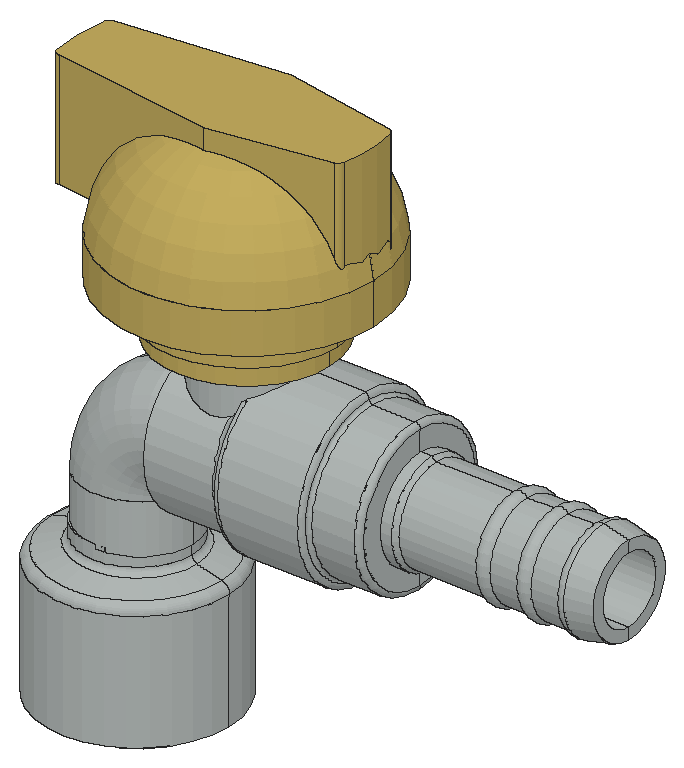
Revit family "QP21310000", category Apparecchi idraulici, Revit 2020
Family settings
  Quota connettore circolare = Usa diametro
  Tipo di parte = Normale
  Numero OmniClass = 23.45.00.00
  Titolo OmniClass = Sanitary, Laundry, and Cleaning Equipment
  Basato su piano di lavoro = No
  Sempre verticale = Sì
  Taglio con vuoti quando caricato = No
  Condiviso = No
  Punto di calcolo locali = No
Parameters
  URL = "https://web.cimberio.com/index.php/figura/115?subcategoria_id=95929"
  Temperatura di esercizio = "-20 ÷ 60°C"
  Prospetto di default = 0 mm
  Produttore = "CIMBERIO SPA"
  Pressione nominale = "MOP 5"
  Modello = "Cim 150PG"
  Materiale = "Prodotto in lega di ottone conforme alla norma EN 12165-CW617N-DW"
  Descrizione = "Utilizzato nell’impiantistica distributiva di gas a bassa pressione per le categorie:\r\nGas naturali: gas derivati dal petrolio (Metano) e gas di ricambio.\r\nGas di città: prodotti secondo i diversi procedimenti (Cracking - Cokerie - ecc.).\r\nGas liquidi: propano e miscele di gas propano/butano"
  DN Model [instance] = QP21313110 : QP21313110
  DN [instance] = 15 mm
  Commenti sul tipo = "Realizzato in ottemperanza ai requisiti gestionali della norma EN ISO 9001.\r\nCollaudato al 100% secondo la normativa EN 12266-1"
Reference planes
  plane 1 "Centro (Fronte/Retro)": y = 0
  plane 2: z = 0
  plane 3 "Centro (Sinistra/Destra)": x = 0
Dimensions and locks
  aligned and locked: level to plane 2
Nested families
  nested 1: "QP21313110" at (0, 0, 0), type <- "DN Model", type "QP21313110"
  nested 2: "QP21313110" at (0, 0, 0), type <- "DN Model", type "QP21313110"
  nested 3: "QP21313110" at (0, 0, 0), type <- "DN Model", type "QP21313110"
  nested 4: "QP21313110" at (0, 0, 0), type <- "DN Model", type "QP21313110"
Connectors
  piping at (56.085, 0, 0), diameter 15, driven by "DN"
    settings: on nested 1, index 1, connector inside diameter 609.6 mm, connector length 0 mm, flow factor 0, pipe flow 0.0 L/s, pressure drop 0.0 Pa, fitting loss kfactor 0, connector angle 0.00°, fixture units 0, engagement length 0 mm, angle of deflection 0.00°, flow configuration 0, flow direction 0, fitting loss method 0, system type 7, joint type 0, gender type 0, connector reference index -1, connector utility 0, adjustable connector no, is connector primary yes, connector description ""
  piping at (-16.233, 0, -39.207), diameter 15, driven by "DN"
    settings: on nested 1, index 2, connector inside diameter 609.6 mm, connector length 0 mm, flow factor 0, pipe flow 0.0 L/s, pressure drop 0.0 Pa, fitting loss kfactor 0, connector angle 0.00°, fixture units 0, engagement length 0 mm, angle of deflection 0.00°, flow configuration 0, flow direction 0, fitting loss method 0, system type 7, joint type 0, gender type 0, connector reference index -1, connector utility 0, adjustable connector no, is connector primary no, connector description ""
Definition of nested family "QP21313110"
  Parameters (values of type "QP21313110")
    URL = ""
    Default Elevation = 0 mm
    Manufacturer = ""
    Model = ""
    Description = ""
    Type Comments = ""
  Reference planes
    plane 1 "Centro (Fronte/Retro)": y = 0
    plane 2: z = 0
    plane 3 "Centro (Sinistra/Destra)": x = 0
  Forms (mm)
    Revolve 1, solid
      sketch origin (0.744, 0, 1.406) x (1, 0, 0) y (0, 0, 1)
        loop
          line (11.362, 12.594) -> (11.362, 15.594) -> (12.523, 15.594) -> (12.523, 20.094) -> (17.823, 20.094) -> (17.823, 26.094)
          arc (17.823, 26.094) -> (14.02, 35.192) -> (5.793, 40.629) r 16.935
          line (5.793, 40.629) -> (-0.977, 40.629) -> (-0.977, 12.594) -> (11.362, 12.594)
        axis (-0.977, 12.594) -> (-0.977, 40.629)
      angle from 0 to 360
    Revolve 2, solid
      sketch origin (0.751, 0, 1.446) x (1, 0, 0) y (0, 0, 1)
        loop
          arc (3.746, 33.15) -> (3.6, 33.504) -> (3.246, 33.65) r 0.5
          line (3.246, 33.65) -> (-0.754, 33.65) -> (-0.754, 31.443) -> (3.746, 31.443) -> (3.746, 33.15)
        axis (-0.754, 33.65) -> (-0.754, 31.443)
      angle from 0 to 360
    Extrusion 3, solid
      sketch origin (1.758, 0, 1.45) x (1, 0, 0) y (0, 1, 0)
        loop
          arc (-26.474, 4.416) -> (-26.841, 0.148) -> (-26.474, -4.12) r 25
          arc (-26.474, -4.12) -> (-26.235, -4.697) -> (-25.659, -4.936) r 0.815
          line (-25.659, -4.936) -> (-2, -7.852) -> (14.821, -4.96)
          arc (14.821, -4.96) -> (15.4, -4.72) -> (15.64, -4.141) r 0.819
          arc (15.64, -4.141) -> (16.159, 0.187) -> (15.621, 4.513) r 18
          arc (15.621, 4.513) -> (15.331, 5.004) -> (14.821, 5.256) r 0.999
          line (14.821, 5.256) -> (-2, 8.148) -> (-25.659, 5.231)
          arc (-25.659, 5.231) -> (-26.235, 4.992) -> (-26.474, 4.416) r 0.815
      from 26.05 to 43.05
    Revolve 4, solid
      sketch origin (1.758, 0, 0) x (1, 0, 0) y (0, 0, 1)
        loop
          line (-0.754, 4.83) -> (7.416, 4.83) -> (7.416, 16.081) -> (-0.754, 16.081) -> (-0.754, 4.83)
        axis (-0.754, 16.081) -> (-0.754, 4.83)
      angle from 0 to 360
    Revolve 5, solid
      sketch origin (0, 0, 0) x (1, 0, 0) y (0, 0, 1)
        loop
          line (18.3, -11.083) -> (24.521, -11.083)
          arc (24.521, -11.083) -> (25.088, -10.848) -> (25.323, -10.281) r 0.802
          line (25.323, -10.281) -> (25.323, -4.5) -> (-6.523, -4.5) -> (-6.523, -10.983) -> (3.557, -10.983)
          arc (3.557, -10.983) -> (4.268, -11.328) -> (4.711, -11.983) r 1.528
          arc (4.711, -11.983) -> (5.077, -12.349) -> (5.577, -12.483) r 1
          line (5.577, -12.483) -> (17.3, -12.483)
          arc (17.3, -12.483) -> (17.636, -12.081) -> (17.8, -11.583) r 1.391
          arc (17.8, -11.583) -> (17.946, -11.229) -> (18.3, -11.083) r 0.5
        axis (-6.523, 0) -> (25.323, 0)
      angle from 0 to 360
    Revolve 6, solid
      sketch origin (-0.466, 0, 0.625) x (1, 0, 0) y (0, 0, 1)
        loop
          line (-7.767, -18.591) -> (-7.767, -16.475) -> (-15.767, -16.475) -> (-15.767, -39.832) -> (-3.133, -39.832) -> (-2.267, -39.332) -> (-2.267, -21.983)
          arc (-2.267, -21.983) -> (-2.577, -21.07) -> (-3.379, -20.534) r 1.5
          line (-3.379, -20.534) -> (-7.026, -19.557)
          arc (-7.026, -19.557) -> (-7.56, -19.2) -> (-7.767, -18.591) r 1
        axis (-15.767, -39.832) -> (-15.767, -16.475)
      angle from 0 to 360
    Sweep 7, solid
      path origin (0, 0, 0) x (1, 0, 0) y (0, 0, 1)
        loop
          arc (-6.523, 0) -> (-13.208, -2.611) -> (-16, -9.222) r 9.226
          line (-16, -9.222) -> (-16, -16.475)
      profile origin (-16, 0, -12.849) x (0, -1, 0) y (1, 0, 0)
        loop
          circle (0, 0) r 8
        loop
          circle (0, 0) r 4.5
    Revolve 8, solid
      sketch origin (0, 0, 0) x (1, 0, 0) y (0, 0, 1)
        loop
          line (27.085, 7.389) -> (25.085, 7.389) -> (25.085, 4.906) -> (56.085, 4.906) -> (56.085, 6.567) -> (52.345, 7.362)
          arc (52.345, 7.362) -> (51.646, 7.309) -> (51.085, 6.889) r 1.25
          line (51.085, 6.889) -> (47.085, 6.889)
          arc (47.085, 6.889) -> (46.085, 7.389) -> (45.085, 6.889) r 1.25
          line (45.085, 6.889) -> (41.085, 6.889)
          arc (41.085, 6.889) -> (40.085, 7.389) -> (39.085, 6.889) r 1.25
          line (39.085, 6.889) -> (27.702, 6.889) -> (27.085, 7.389)
        axis (56.085, 0) -> (25.085, 0)
      angle from 0 to 360
  Dimensions and locks
    aligned and locked: level to plane 2
